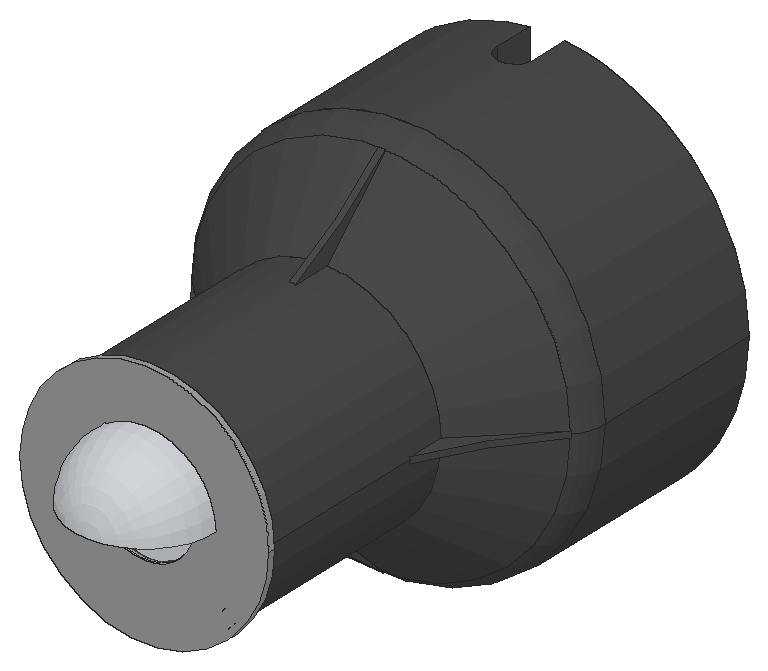
Revit family "CIRCLE STAIR LIGHT_CM1C.1", category Luminarias, Revit 2019
Family settings
  Cota de conector redondo = Diámetro de uso
  Tipo de pieza = Normal
  Se basa en plano de trabajo = Sí
  Siempre vertical = No
  Corte con vacíos al cargar = No
  Origen de luz = Sí
  Compartido = No
  Punto de cálculo de habitación = No
Parameters (values of type "CIRCLE STAIR LIGHT_CM1C.1")
  Ángulo de inclinación = 90.00°
  Ángulo de enfoque = 30.00°
  Ángulo de campo de foco = 90.00°
  Zone [instance] = ""
  Watt per fixture = 1.3
  Wattage = 1.3 W
  built-in parameter 1150107 = 6000 (stored number, unit not read)
  built-in parameter 1150110 = 1 (stored number, unit not read)
  built-in parameter 1150109 = 1 (stored number, unit not read)
  built-in parameter 1150112 = 1 (stored number, unit not read)
  built-in parameter 1150113 = 1 (stored number, unit not read)
  built-in parameter 1114218 = 1 (stored number, unit not read)
  Keynote = ""
  built-in parameter 1150137 = (empty or 0)
  built-in parameter 1150132 = (empty or 0)
  Modelo = "CM1C.1"
  Lámpara = "OSRAM"
  Longitud de símbolo de origen de luz = 500 mm
  Longitud [instance] = 1000 mm
  built-in parameter 1150105 = 93.583 (stored number, unit not read)
  built-in parameter 1150102 = (empty or 0)
  built-in parameter 1150106 = 0.93583 (stored number, unit not read)
  Lumens = 27.989 lm
  Color Filter = 16777215
  built-in parameter 1114217 = 1 (stored number, unit not read)
  built-in parameter 1150139 = (empty or 0)
  Fabricante = "BRILLANT"
  Default Elevation = 0 mm
  built-in parameter 1150104 = 2.0002 (stored number, unit not read)
  Descripción = "LUMINARIA TIPO CIRCULAR PARA EMPOTRAR EN MURO CON CUERPO DE ALUMINIO FUNDIDO A PRESION CUBIERTO CON POLVO GRIS OSCURO, IP 67 USO PARA INTERIORES O EXTERIORES CON CUERPO DE 0.2KG, CUENTA CON 1 LED OSRAM CON UNA POTENCIA TOTAL DE 1.3W, A UNA TEMPERATURA EN BLANCO FRIO 6000K CON 28 LUMENES, EFICIENCIA DE 21.53LM/W, IRC 80, IK10, APERTURA A 40 GRADOS EN STOCK, 54mA EN CORRIENTE DE OPERACIÓN, ALIMENTADA A 24V. REQUIERE ACCESORIOS."
  built-in parameter 1150115 = 1 (stored number, unit not read)
  built-in parameter 1150114 = 1 (stored number, unit not read)
  Comentarios de vataje = "24V"
  built-in parameter 1150138 = (empty or 0)
  built-in parameter 1150134 = 5
  Circuit [instance] = ""
  Dimming Lamp Color Temperature Shift = (empty or 0)
  built-in parameter 1150133 = 10 (stored number, unit not read)
Reference planes
  plane 1 "Centro (Frontal/Posterior)": y = 0
  plane 2: z = 0
  plane 3 "Centro (Izquierda/Derecha)": x = 0
  plane 4: z = 21
Forms (mm)
  Extrusion 1, solid, material "Aluminio"
    sketch origin (0, 0, 0) x (1, 0, 0) y (0, 0, 1)
      loop
        circle (0, 21) r 21
      loop
        circle (0, 21) r 8.587
    from -1.076 to 0
  Revolve 2, solid
    sketch origin (0, 0, 21) x (-1, 0, 0) y (0, -1, 0)
      loop
        arc (0, 11.2) -> (7.92, 7.92) -> (11.2, 0) r 11.2
        line (11.2, 0) -> (12, 0)
        arc (12, 0) -> (8.485, 8.485) -> (0, 12) r 12
        line (0, 12) -> (0, 11.2)
      axis (0, 12) -> (0, 0)
    angle from 0 to 360
  Extrusion 3, void
    sketch origin (0, 0, 0) x (0, 1, 0) y (0, 0, 1)
      loop
        line (-13.088, 21) -> (-13.088, 5.477) -> (0, 5.477) -> (0, 21) -> (-13.088, 21)
    from -18.314 to 15
  Extrusion 4, solid, material "Glass"
    sketch origin (0, 0, 0) x (1, 0, 0) y (0, 0, 1)
      loop
        circle (0, 21) r 8.587
    from -0.787 to -0.335
  Revolve 5, solid
    sketch origin (0, 0, 21) x (0, -1, 0) y (1, 0, 0)
      loop
        line (-1.044, 0) -> (-1.044, 17.5) -> (-5.116, 17.5)
        arc (-5.116, 17.5) -> (-6.269, 16.347) -> (-7.421, 17.5) r 1.153
        line (-7.421, 17.5) -> (-10.679, 17.5)
        arc (-10.679, 17.5) -> (-11.832, 16.347) -> (-12.985, 17.5) r 1.153
        line (-12.985, 17.5) -> (-18.513, 17.5)
        arc (-18.513, 17.5) -> (-19.666, 16.347) -> (-20.818, 17.5) r 1.153
        line (-20.818, 17.5) -> (-24.371, 17.5)
        arc (-24.371, 17.5) -> (-25.524, 16.347) -> (-26.676, 17.5) r 1.153
        line (-26.676, 17.5) -> (-31.489, 17.5)
        arc (-31.489, 17.5) -> (-32.642, 16.347) -> (-33.795, 17.5) r 1.153
        line (-33.795, 17.5) -> (-38.311, 17.5)
        arc (-38.311, 17.5) -> (-39.464, 16.347) -> (-40.617, 17.5) r 1.153
        line (-40.617, 17.5) -> (-42.837, 17.5) -> (-42.837, 6.042) -> (-44.076, 6.042) -> (-44.076, 0) -> (-1.044, 0)
      axis (-44.076, 0) -> (-1.044, 0)
    angle from 0 to 360
  Extrusion 6, solid, material "Acero Inoxidable"
    sketch origin (0, 0, 0) x (1, 0, 0) y (0, 1, 0)
      loop
        line (-17.5, 1.044) -> (-17.5, 42.837) -> (-9.072, 42.837) -> (-9.072, 43.637) -> (-18.3, 43.637) -> (-18.3, 1.044) -> (-17.5, 1.044)
      loop
        line (17.5, 1.044) -> (18.3, 1.044) -> (18.3, 43.637) -> (9.072, 43.637) -> (9.072, 42.837) -> (17.5, 42.837) -> (17.5, 1.044)
    from 16.356 to 25.548
  Revolve 7, solid, material "Plastico"
    sketch origin (0, 0, 21) x (0, -1, 0) y (1, 0, 0)
      loop
        line (-85.044, 34) -> (-85.044, 0) -> (-68.473, 0) -> (-68.473, 32.5) -> (-54.883, 32.5)
        arc (-54.883, 32.5) -> (-52.82, 32.108) -> (-51.032, 31.008) r 5.81
        line (-51.032, 31.008) -> (-38.381, 18.358) -> (-1.076, 18.358) -> (-1.076, 19.858) -> (-37.76, 19.858) -> (-49.997, 32.095)
        arc (-49.997, 32.095) -> (-52.261, 33.5) -> (-54.878, 34) r 7.31
        line (-54.878, 34) -> (-85.044, 34)
      axis (-85.044, 0) -> (-1.076, 0)
    angle from 0 to 360
  Extrusion 8, solid, material "Plastico"
    sketch origin (0, 0, 0) x (1, 0, 0) y (0, 1, 0)
      loop
        line (32.095, 49.997) -> (19.858, 37.76) -> (19.858, 31.164)
        arc (19.858, 31.164) -> (25.191, 41.091) -> (32.095, 49.997) r 67.806
      loop
        arc (-32.095, 49.997) -> (-25.191, 41.091) -> (-19.858, 31.164) r 67.806
        line (-19.858, 31.164) -> (-19.858, 37.76) -> (-32.095, 49.997)
    from 20.396 to 21.512
  Extrusion 9, solid, material "Plastico"
    sketch origin (20.953, 0, 20.831) x (0.005862, 0, 0.999983) y (0, 1, 0)
      loop
        line (32.095, 49.997) -> (19.858, 37.76) -> (19.858, 31.164)
        arc (19.858, 31.164) -> (25.191, 41.091) -> (32.095, 49.997) r 67.806
      loop
        arc (-32.095, 49.997) -> (-25.191, 41.091) -> (-19.858, 31.164) r 67.806
        line (-19.858, 31.164) -> (-19.858, 37.76) -> (-32.095, 49.997)
    from 20.396 to 21.512
  Extrusion 10, void
    sketch origin (0, 0, 0) x (1, 0, 0) y (0, 1, 0)
      loop
        arc (-3, 78.247) -> (0, 75.247) -> (3, 78.247) r 3
        line (3, 78.247) -> (3, 85.044) -> (-3, 85.044) -> (-3, 78.247)
    from -17.863 to 58.028
Cuts and joins
  Extrusion 3 cuts Extrusion 1
  Extrusion 3 cuts Revolve 2
  Extrusion 10 cuts Revolve 7
Dimensions and locks
  aligned and locked: level to plane 2
Connectors
  electrical at (13.333, 85.044, 32.289)
    settings: on cut or joined group of Revolve 7, Extrusion 10, index 1, voltage 24 V, apparent load 0 VA, apparent load phase1 0 VA, apparent load phase2 0 VA, apparent load phase3 0 VA, power factor 1, load classification "Otro", number of poles 1, system type 31, power factor state 1, is connector primary yes, connector utility no, sub classification motor no, connector description ""
